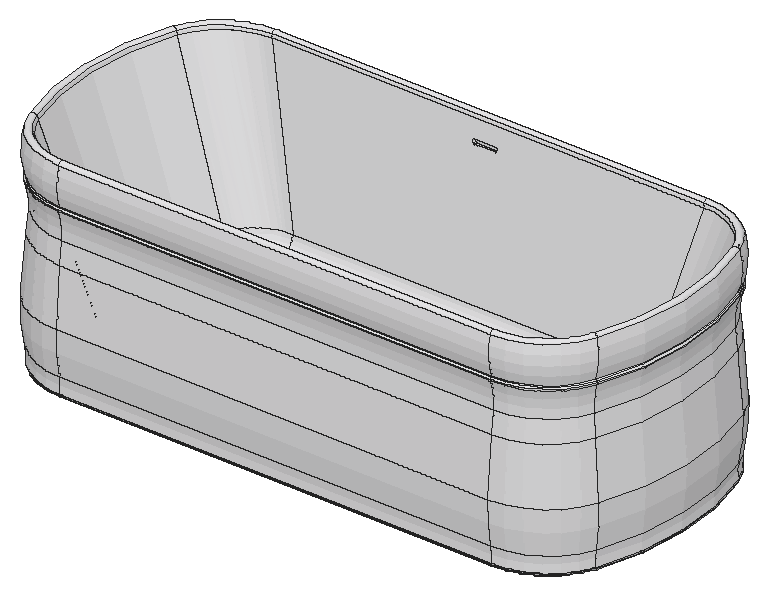
Revit family "Bath-Freestanding-KOHLER-Chess-K-8337", category Plumbing Fixtures, host Face, Revit 2015
Parameters (values of type "0-White")
  Width = 30"  # constant formula
  Waste Water Outlet = "Waste Water Outlet"  # constant formula
  Waste Connection = 1 = 1  # yes
  Vent Connection = 1 = 0  # no
  URL = "https://www.us.kohler.com/us/"
  Product Page URL = "http://www.us.kohler.com/us/catalog/productDetails.jsp?productNumber=8337"
  Product Name = "Chess"  # constant formula
  Product Documentation Link = "http://www.us.kohler.com/onlinecatalog/pdf/K-8337_spec.pdf"
  Model = "K-8337-0"  # constant formula
  Material = "Lithocast Gloss Cast Resin"  # constant formula
  MasterFormat 2004 = "22.41.19"  # constant formula
  MasterFormat 1995 = "15410"  # constant formula
  Manufacturer Address = "444 Highland Dr, Kohler, WI 53044"  # constant formula
  Manufacturer = "KOHLER Co."  # constant formula
  Length = 65"  # constant formula
  Hot Water Inlet = "Hot Water Inlet"  # constant formula
  Height = 22 5/8"  # constant formula
  HW Connection = 1 = 0  # no
  Finish = Kohler-Lithocast-0-White
  Environmental Product Declaration = ""
  Drain Included = 1 = 1  # yes
  Description = "65inch x 30inch freestanding bath with center toe-tap drain"  # constant formula
  Default Elevation = 0"
  Declare Label = ""
  Date Modified = "01/09/2019"  # constant formula
  Date Created = "01/09/2019"  # constant formula
  Copyright = "Copyright KOHLER Co."  # constant formula
  Contact Us = "https://www.us.kohler.com/us/static/contact.jsp"
  Cold Water Inlet = "Cold Water Inlet"  # constant formula
  CW Connection = 1 = 0  # no
  Assembly Code = "D2010500"
  ADA Compliant = 1 = 0  # no
Reference planes (in)
  plane 1 "Center (Front/Back)": y = 0
  plane 2: z = 0
  plane 3 "Center (Left/Right)": x = 0
  plane 4: y = 15
  plane 5: y = -15
  plane 6: x = -32.5
  plane 7: x = 32.5
  plane 8: z = 22.625
Dimensions and locks (in)
  "Width": plane 5 to plane 4
  plane 5 to plane 1 "Center (Front/Back)" = 15"
  "Length": plane 6 to plane 7
  plane 6 to plane 3 "Center (Left/Right)" = 32 1/2"
  "Height": plane 8 to level
  aligned and locked: plane 2 to host face
  aligned and locked: level to host face
Automatic sketch dimensions
  host sketch curve to host sketch curve = 96"  (x2)
Nested families (in)
  nested 1: "K-8337" at (0, 0, 0), type "K-8337"
Connectors (in)
  piping at (0, 0, 1.2018), diameter 1.5, driven by "Waste Connection", driven by "Waste Water Outlet"
    settings: on nested 1, index 1, connector inside diameter 24", connector length 0", flow factor 0, pipe flow 0 GPM, pressure drop 0.00 psi, fitting loss kfactor 0, connector angle 0.00°, fixture units 0, engagement length 0", angle of deflection 0.00°, flow configuration 0, flow direction 2, fitting loss method 0, system type 16, joint type 0, gender type 0, connector reference index -1, connector utility 1, adjustable connector no, is connector primary yes, connector description "Waste Water Outlet"
Definition of nested family "K-8337"
  Parameters (values of type "K-8337")
    Material = none
  Reference planes (in)
    plane 1 "Center (Front/Back)": y = 0
    plane 2: z = 0
    plane 3 "Center (Left/Right)": x = 0
    plane 4: y = 15
    plane 5: x = -32.5
    plane 6: z = 22.625
    plane 7: z = 0.8125
    plane 8: z = 3.0625
    plane 9: z = 20
    plane 10: x = 32.5
    plane 11: y = -15
  Forms (in)
    Sweep 1, solid, material <- "Material", detail levels medium+fine
      path origin (0, 0, 0) x (1, 0, 0) y (0, 1, 0)
        loop
          line (23.13465, 15) -> (-23.13465, 15)
          arc (-23.13465, 15) -> (-27.78843, 13.53842) -> (-30.77095, 9.67856) r 8.1398
          arc (-30.77095, 9.67856) -> (-32.5, 0.00041) -> (-30.77123, -9.6778) r 27.95299
          arc (-30.77123, -9.6778) -> (-27.78843, -13.5382) -> (-23.13407, -15) r 8.14063
          line (-23.13407, -15) -> (23.13407, -15)
          arc (23.13407, -15) -> (27.78843, -13.5382) -> (30.77123, -9.6778) r 8.14063
          arc (30.77123, -9.6778) -> (32.5, 0.00041) -> (30.77095, 9.67856) r 27.95299
          arc (30.77095, 9.67856) -> (27.78843, 13.53842) -> (23.13465, 15) r 8.1398
      profile origin (0, -15, 0) x (0, -1, 0) y (0, 0, 1)
        loop
          arc (-0.63615, 0) -> (-0.58049, 0.01659) -> (-0.543, 0.06096) r 0.10166
          line (-0.543, 0.06096) -> (-0.47798, 0.20977)
          arc (-0.47798, 0.20977) -> (-0.46993, 0.23766) -> (-0.46938, 0.26669) r 0.1112
          arc (-0.46938, 0.26669) -> (-0.49983, 1.14071) -> (-0.39593, 2.00907) r 5.68782
          arc (-0.39593, 2.00907) -> (-0.0687, 4.32288) -> (0, 6.6587) r 21.04676
          arc (0, 6.6587) -> (-0.16318, 9.6666) -> (-0.4948, 12.6606) r 53.68805
          arc (-0.4948, 12.6606) -> (-0.6336, 13.80608) -> (-0.73158, 14.95577) r 32.44262
          arc (-0.73158, 14.95577) -> (-0.67451, 16.45231) -> (-0.30572, 17.90382) r 7.12117
          arc (-0.30572, 17.90382) -> (-0.29823, 17.96086) -> (-0.31615, 18.01554) r 0.12971
          arc (-0.31615, 18.01554) -> (-0.38331, 18.11884) -> (-0.45776, 18.21702) r 1.70572
          arc (-0.45776, 18.21702) -> (-0.47957, 18.26558) -> (-0.4741, 18.31852) r 0.10251
          arc (-0.4741, 18.31852) -> (-0.06681, 20.32042) -> (-0.33012, 22.34628) r 6.21959
          arc (-0.33012, 22.34628) -> (-0.67527, 22.62377) -> (-1.05923, 22.40306) r 0.3925
          arc (-1.05923, 22.40306) -> (-1.12702, 22.23073) -> (-1.16833, 22.0502) r 1.23753
          line (-1.16833, 22.0502) -> (-0.7425, 22.0502) -> (-2.12082, 0) -> (-0.63615, 0)
    Sweep 2, solid, material <- "Material", detail levels medium+fine
      path origin (0, 0, 0) x (1, 0, 0) y (0, 1, 0)
        loop
          line (-18.87718, -11.25) -> (18.87718, -11.25)
          arc (18.87718, -11.25) -> (21.75384, -10.3396) -> (23.58294, -7.93994) r 5
          arc (23.58294, -7.93994) -> (24.96542, 0) -> (23.58294, 7.93994) r 23.49178
          arc (23.58294, 7.93994) -> (21.75384, 10.3396) -> (18.87718, 11.25) r 5
          line (18.87718, 11.25) -> (-18.87718, 11.25)
          arc (-18.87718, 11.25) -> (-21.75384, 10.3396) -> (-23.58294, 7.93994) r 5
          arc (-23.58294, 7.93994) -> (-24.96542, 0) -> (-23.58294, -7.93994) r 23.49178
          arc (-23.58294, -7.93994) -> (-21.75384, -10.3396) -> (-18.87718, -11.25) r 5
      profile origin (0, -11.25, 0) x (0, 1, 0) y (0, 0, 1)
        loop
          arc (2.16276, 3.8125) -> (0.65693, 4.37102) -> (-0.12048, 5.7764) r 2.30921
          line (-0.12048, 5.7764) -> (-0.54631, 5.7764) -> (-0.44342, 5.09603)
          arc (-0.44342, 5.09603) -> (0.36156, 3.64082) -> (1.92078, 3.0625) r 2.39108
          line (1.92078, 3.0625) -> (2.73001, 3.0625) -> (2.73001, 3.8125) -> (2.16276, 3.8125)
    Extrusion 3, solid, material <- "Material", detail levels medium+fine
      sketch origin (0, 0, 0) x (1, 0, 0) y (0, 1, 0)
        loop
          arc (-21.01359, 7.01723) -> (-22.23541, 0) -> (-21.01359, -7.01723) r 20.76177
          arc (-21.01359, -7.01723) -> (-20.18318, -8.10667) -> (-18.87718, -8.51999) r 2.26999
          line (-18.87718, -8.51999) -> (18.87718, -8.51999)
          arc (18.87718, -8.51999) -> (20.18318, -8.10667) -> (21.01359, -7.01723) r 2.26999
          arc (21.01359, -7.01723) -> (22.23541, 0) -> (21.01359, 7.01723) r 20.76177
          arc (21.01359, 7.01723) -> (20.18318, 8.10667) -> (18.87718, 8.51999) r 2.26999
          line (18.87718, 8.51999) -> (-18.87718, 8.51999)
          arc (-18.87718, 8.51999) -> (-20.18318, 8.10667) -> (-21.01359, 7.01723) r 2.26999
      from 3.0625 to 3.8125
    Revolve 4, solid, material <- "Material", detail levels medium+fine
      sketch origin (0, 0, 0) x (0, 1, 0) y (0, 0, 1)
        loop
          line (0, 3.0625) -> (0, 1.2018) -> (1.5, 1.2018) -> (1.5, 0.8125) -> (2.44715, 0.8125)
          arc (2.44715, 0.8125) -> (2.8007, 0.95895) -> (2.94715, 1.3125) r 0.5
          line (2.94715, 1.3125) -> (2.94715, 2.5625)
          arc (2.94715, 2.5625) -> (3.0936, 2.91605) -> (3.44715, 3.0625) r 0.5
          line (3.44715, 3.0625) -> (0, 3.0625)
        axis (0, 3.0625) -> (0, 0.8125)
      angle from 0 to 360
    Extrusion 5, solid, material <- "Material", detail levels medium+fine
      sketch origin (0, 0, 0) x (1, 0, 0) y (0, 1, 0)
        loop
          arc (14.07678, -8.82665) -> (14.25355, -8.75343) -> (14.32678, -8.57665) r 0.25
          line (14.32678, -8.57665) -> (14.32678, -4.42335)
          arc (14.32678, -4.42335) -> (14.25355, -4.24657) -> (14.07678, -4.17335) r 0.25
          line (14.07678, -4.17335) -> (9.92322, -4.17335)
          arc (9.92322, -4.17335) -> (9.74645, -4.24657) -> (9.67322, -4.42335) r 0.25
          line (9.67322, -4.42335) -> (9.67322, -8.57665)
          arc (9.67322, -8.57665) -> (9.74645, -8.75343) -> (9.92322, -8.82665) r 0.25
          line (9.92322, -8.82665) -> (14.07678, -8.82665)
        loop
          arc (14.07678, 4.17335) -> (14.25355, 4.24657) -> (14.32678, 4.42335) r 0.25
          line (14.32678, 4.42335) -> (14.32678, 8.57665)
          arc (14.32678, 8.57665) -> (14.25355, 8.75343) -> (14.07678, 8.82665) r 0.25
          line (14.07678, 8.82665) -> (9.92322, 8.82665)
          arc (9.92322, 8.82665) -> (9.74645, 8.75343) -> (9.67322, 8.57665) r 0.25
          line (9.67322, 8.57665) -> (9.67322, 4.42335)
          arc (9.67322, 4.42335) -> (9.74645, 4.24657) -> (9.92322, 4.17335) r 0.25
          line (9.92322, 4.17335) -> (14.07678, 4.17335)
        loop
          arc (-9.92322, -8.82665) -> (-9.74645, -8.75343) -> (-9.67322, -8.57665) r 0.25
          line (-9.67322, -8.57665) -> (-9.67322, -4.42335)
          arc (-9.67322, -4.42335) -> (-9.74645, -4.24657) -> (-9.92322, -4.17335) r 0.25
          line (-9.92322, -4.17335) -> (-14.07678, -4.17335)
          arc (-14.07678, -4.17335) -> (-14.25355, -4.24657) -> (-14.32678, -4.42335) r 0.25
          line (-14.32678, -4.42335) -> (-14.32678, -8.57665)
          arc (-14.32678, -8.57665) -> (-14.25355, -8.75343) -> (-14.07678, -8.82665) r 0.25
          line (-14.07678, -8.82665) -> (-9.92322, -8.82665)
        loop
          arc (-9.92322, 4.17335) -> (-9.74645, 4.24657) -> (-9.67322, 4.42335) r 0.25
          line (-9.67322, 4.42335) -> (-9.67322, 8.57665)
          arc (-9.67322, 8.57665) -> (-9.74645, 8.75343) -> (-9.92322, 8.82665) r 0.25
          line (-9.92322, 8.82665) -> (-14.07678, 8.82665)
          arc (-14.07678, 8.82665) -> (-14.25355, 8.75343) -> (-14.32678, 8.57665) r 0.25
          line (-14.32678, 8.57665) -> (-14.32678, 4.42335)
          arc (-14.32678, 4.42335) -> (-14.25355, 4.24657) -> (-14.07678, 4.17335) r 0.25
          line (-14.07678, 4.17335) -> (-9.92322, 4.17335)
      from 0 to 3.0625
    Revolve 6, void
      sketch origin (0, 0, 0) x (0, 1, 0) y (0, 0, 1)
        loop
          line (2.81, 3.8125) -> (0, 3.8125) -> (0, 3.16482) -> (2.56, 3.16482) -> (2.56, 3.5625)
          arc (2.56, 3.5625) -> (2.63322, 3.73928) -> (2.81, 3.8125) r 0.25
        axis (0, 3.8125) -> (0, 3.16482)
      angle from 0 to 360
    Revolve 7, solid, material <- "Material", detail levels medium+fine
      sketch origin (0, 0, 0) x (0, 1, 0) y (0, 0, 1)
        loop
          arc (2.30435, 3.49896) -> (2.4611, 3.64639) -> (2.32355, 3.81189) r 0.15705
          arc (2.32355, 3.81189) -> (1.16396, 3.9188) -> (0, 3.95448) r 19.00256
          line (0, 3.95448) -> (0, 3.49896) -> (2.30435, 3.49896)
        axis (0, 3.95448) -> (0, 3.49896)
      angle from 0 to 360
    Extrusion 8, void
      sketch origin (0, 0, 0) x (1, 0, 0) y (0, 0, 1)
        loop
          line (1.07001, 20.25) -> (-1.07001, 20.25)
          arc (-1.07001, 20.25) -> (-1.32001, 20) -> (-1.07001, 19.75) r 0.25
          line (-1.07001, 19.75) -> (1.07001, 19.75)
          arc (1.07001, 19.75) -> (1.32001, 20) -> (1.07001, 20.25) r 0.25
      from -13.79286 to -13.31559
    Extrusion 9, solid, material <- "Material", detail levels medium+fine
      sketch origin (0, 0, 0) x (1, 0, 0) y (0, 0, 1)
        loop
          line (-2.3925, 1.8201) -> (2.3925, 1.8201)
          arc (2.3925, 1.8201) -> (2.74605, 1.96654) -> (2.8925, 2.3201) r 0.5
          line (2.8925, 2.3201) -> (2.8925, 3.0625) -> (-2.8925, 3.0625) -> (-2.8925, 2.3201)
          arc (-2.8925, 2.3201) -> (-2.74605, 1.96654) -> (-2.3925, 1.8201) r 0.5
      from -13.39553 to -0.29719
    Extrusion 10, solid, material <- "Material", detail levels coarse
      sketch origin (0, 0, 0) x (1, 0, 0) y (0, 1, 0)
        loop
          line (23.05822, 15) -> (-23.05822, 15)
          arc (-23.05822, 15) -> (-27.78869, 13.50908) -> (-30.8094, 9.57518) r 8.25
          arc (-30.8094, 9.57518) -> (-32.5, 0) -> (-30.8094, -9.57518) r 27.96114
          arc (-30.8094, -9.57518) -> (-27.78869, -13.50908) -> (-23.05822, -15) r 8.25
          line (-23.05822, -15) -> (23.05822, -15)
          arc (23.05822, -15) -> (27.78869, -13.50908) -> (30.8094, -9.57518) r 8.25
          arc (30.8094, -9.57518) -> (32.5, 0) -> (30.8094, 9.57518) r 27.96114
          arc (30.8094, 9.57518) -> (27.78869, 13.50908) -> (23.05822, 15) r 8.25
      from 0 to 22.625
    Blend 11, void
      base sketch origin (0, 0, 0) x (1, 0, 0) y (0, 1, 0)
        loop
          arc (-23.69633, 7.98066) -> (-25.0859, 0) -> (-23.69633, -7.98066) r 23.61226
          arc (-23.69633, -7.98066) -> (-21.82316, -10.43815) -> (-18.87718, -11.37048) r 5.12048
          line (-18.87718, -11.37048) -> (18.87718, -11.37048)
          arc (18.87718, -11.37048) -> (21.82316, -10.43815) -> (23.69633, -7.98066) r 5.12048
          arc (23.69633, -7.98066) -> (25.0859, 0) -> (23.69633, 7.98066) r 23.61226
          arc (23.69633, 7.98066) -> (21.82316, 10.43815) -> (18.87718, 11.37048) r 5.12048
          line (18.87718, 11.37048) -> (-18.87718, 11.37048)
          arc (-18.87718, 11.37048) -> (-21.82316, 10.43815) -> (-23.69633, 7.98066) r 5.12048
      top sketch origin (0, 0, 0) x (1, 0, 0) y (0, 1, 0)
        loop
          arc (-29.67489, 9.27403) -> (-31.33167, 0.00039) -> (-29.67516, -9.2733) r 26.78465
          arc (-29.67516, -9.2733) -> (-27.12044, -12.57966) -> (-23.13407, -13.83167) r 6.97229
          line (-23.13407, -13.83167) -> (23.13407, -13.83167)
          arc (23.13407, -13.83167) -> (27.12044, -12.57966) -> (29.67516, -9.2733) r 6.97229
          arc (29.67516, -9.2733) -> (31.33167, 0.00039) -> (29.67489, 9.27403) r 26.78465
          arc (29.67489, 9.27403) -> (27.12046, 12.57987) -> (23.13465, 13.83167) r 6.97146
          line (23.13465, 13.83167) -> (-23.13465, 13.83167)
          arc (-23.13465, 13.83167) -> (-27.12046, 12.57987) -> (-29.67489, 9.27403) r 6.97146
      from 3.0625 to 22.625
    Blend 12, solid, material <- "Material", detail levels medium+fine
      base sketch origin (0, 0, 0) x (1, 0, 0) y (0, 1, 0)
        loop
          arc (-24.0971, -8.12459) -> (-22.06815, -10.78644) -> (-18.87718, -11.79631) r 5.54631
          line (-18.87718, -11.79631) -> (18.87718, -11.79631)
          arc (18.87718, -11.79631) -> (22.06815, -10.78644) -> (24.0971, -8.12459) r 5.54631
          arc (24.0971, -8.12459) -> (25.51173, 0) -> (24.0971, 8.12459) r 24.03809
          arc (24.0971, 8.12459) -> (22.06815, 10.78644) -> (18.87718, 11.79631) r 5.54631
          line (18.87718, 11.79631) -> (-18.87718, 11.79631)
          arc (-18.87718, 11.79631) -> (-22.06815, 10.78644) -> (-24.0971, 8.12459) r 5.54631
          arc (-24.0971, 8.12459) -> (-25.51173, 0) -> (-24.0971, -8.12459) r 24.03809
      top sketch origin (0, 0, 0) x (1, 0, 0) y (0, 1, 0)
        loop
          arc (23.13407, -14.2575) -> (27.3639, -12.92903) -> (30.07465, -9.42073) r 7.39812
          arc (30.07465, -9.42073) -> (31.7575, 0.0004) -> (30.07438, 9.42147) r 27.21048
          arc (30.07438, 9.42147) -> (27.36392, 12.92924) -> (23.13465, 14.2575) r 7.39729
          line (23.13465, 14.2575) -> (-23.13465, 14.2575)
          arc (-23.13465, 14.2575) -> (-27.36392, 12.92924) -> (-30.07438, 9.42147) r 7.39729
          arc (-30.07438, 9.42147) -> (-31.7575, 0.0004) -> (-30.07465, -9.42073) r 27.21048
          arc (-30.07465, -9.42073) -> (-27.3639, -12.92903) -> (-23.13407, -14.2575) r 7.39812
          line (-23.13407, -14.2575) -> (23.13407, -14.2575)
      from 5.7764 to 22.0502
    Blend 13, void
      base sketch origin (0, 0, 0) x (1, 0, 0) y (0, 1, 0)
        loop
          line (-18.87718, -11.37048) -> (18.87718, -11.37048)
          arc (18.87718, -11.37048) -> (21.82316, -10.43815) -> (23.69633, -7.98066) r 5.12048
          arc (23.69633, -7.98066) -> (25.0859, 0) -> (23.69633, 7.98066) r 23.61226
          arc (23.69633, 7.98066) -> (21.82316, 10.43815) -> (18.87718, 11.37048) r 5.12048
          line (18.87718, 11.37048) -> (-18.87718, 11.37048)
          arc (-18.87718, 11.37048) -> (-21.82316, 10.43815) -> (-23.69633, 7.98066) r 5.12048
          arc (-23.69633, 7.98066) -> (-25.0859, 0) -> (-23.69633, -7.98066) r 23.61226
          arc (-23.69633, -7.98066) -> (-21.82316, -10.43815) -> (-18.87718, -11.37048) r 5.12048
      top sketch origin (0, 0, 0) x (1, 0, 0) y (0, 1, 0)
        loop
          arc (-29.67516, -9.2733) -> (-27.12044, -12.57966) -> (-23.13407, -13.83167) r 6.97229
          line (-23.13407, -13.83167) -> (23.13407, -13.83167)
          arc (23.13407, -13.83167) -> (27.12044, -12.57966) -> (29.67516, -9.2733) r 6.97229
          arc (29.67516, -9.2733) -> (31.33167, 0.00039) -> (29.67489, 9.27403) r 26.78465
          arc (29.67489, 9.27403) -> (27.12046, 12.57987) -> (23.13465, 13.83167) r 6.97146
          line (23.13465, 13.83167) -> (-23.13465, 13.83167)
          arc (-23.13465, 13.83167) -> (-27.12046, 12.57987) -> (-29.67489, 9.27403) r 6.97146
          arc (-29.67489, 9.27403) -> (-31.33167, 0.00039) -> (-29.67516, -9.2733) r 26.78465
      from 5.7764 to 22.0502
  Cuts and joins
    Blend 11 cuts Extrusion 10
    Extrusion 8 cuts Sweep 1
    Extrusion 8 cuts Sweep 2
    Revolve 6, Extrusion 8 cuts Extrusion 3
    Revolve 6, Extrusion 8 cuts Revolve 4
    Revolve 6, Extrusion 8 cuts Extrusion 5
    Extrusion 8 cuts Revolve 7
    Revolve 6, Extrusion 8 cuts Extrusion 9
    Extrusion 8, Blend 13 cuts Blend 12
    joined: Sweep 1, Sweep 2, Extrusion 3, Revolve 4, Extrusion 5, Revolve 7, Extrusion 9, Blend 12
  Lines and regions (in)
    Masking region 1
      outline origin (0, 0, 0) x (0, 1, 0) y (0, 0, 1)
        loop
          line (-14.36385, 0) -> (14.36385, 0)
          arc (14.36385, 0) -> (14.41951, 0.01659) -> (14.457, 0.06096) r 0.10166
          line (14.457, 0.06096) -> (14.52202, 0.20977)
          arc (14.52202, 0.20977) -> (14.53007, 0.23766) -> (14.53062, 0.26669) r 0.1112
          arc (14.53062, 0.26669) -> (14.50017, 1.14071) -> (14.60407, 2.00907) r 5.68782
          arc (14.60407, 2.00907) -> (14.9313, 4.32288) -> (15, 6.6587) r 21.04676
          arc (15, 6.6587) -> (14.83682, 9.6666) -> (14.5052, 12.6606) r 53.68805
          arc (14.5052, 12.6606) -> (14.3664, 13.80608) -> (14.26842, 14.95577) r 32.44262
          arc (14.26842, 14.95577) -> (14.32549, 16.45231) -> (14.69428, 17.90382) r 7.12117
          arc (14.69428, 17.90382) -> (14.70177, 17.96086) -> (14.68385, 18.01554) r 0.12971
          arc (14.68385, 18.01554) -> (14.61669, 18.11884) -> (14.54224, 18.21702) r 1.70572
          arc (14.54224, 18.21702) -> (14.52043, 18.26558) -> (14.5259, 18.31852) r 0.10251
          arc (14.5259, 18.31852) -> (14.93319, 20.32042) -> (14.66988, 22.34628) r 6.21959
          arc (14.66988, 22.34628) -> (14.52811, 22.54768) -> (14.29425, 22.62495) r 0.3925
          line (14.29425, 22.62495) -> (-14.29425, 22.625)
          arc (-14.29425, 22.625) -> (-14.52811, 22.54768) -> (-14.66988, 22.34628) r 0.3925
          arc (-14.66988, 22.34628) -> (-14.93319, 20.32042) -> (-14.5259, 18.31852) r 6.21959
          arc (-14.5259, 18.31852) -> (-14.52043, 18.26558) -> (-14.54224, 18.21702) r 0.10251
          arc (-14.54224, 18.21702) -> (-14.61669, 18.11884) -> (-14.68385, 18.01554) r 1.70572
          arc (-14.68385, 18.01554) -> (-14.70177, 17.96086) -> (-14.69428, 17.90382) r 0.12971
          arc (-14.69428, 17.90382) -> (-14.32549, 16.45231) -> (-14.26842, 14.95577) r 7.12117
          arc (-14.26842, 14.95577) -> (-14.3664, 13.80608) -> (-14.5052, 12.6606) r 32.44262
          arc (-14.5052, 12.6606) -> (-14.83682, 9.6666) -> (-15, 6.6587) r 53.68805
          arc (-15, 6.6587) -> (-14.9313, 4.32288) -> (-14.60407, 2.00907) r 21.04676
          arc (-14.60407, 2.00907) -> (-14.50017, 1.14071) -> (-14.53062, 0.26669) r 5.68782
          arc (-14.53062, 0.26669) -> (-14.53007, 0.23766) -> (-14.52202, 0.20977) r 0.1112
          line (-14.52202, 0.20977) -> (-14.457, 0.06096)
          arc (-14.457, 0.06096) -> (-14.41951, 0.01659) -> (-14.36385, 0) r 0.10166
    Masking region 2
      outline origin (0, 0, 0) x (1, 0, 0) y (0, 0, 1)
        loop
          line (-31.85666, 0) -> (31.85666, 0)
          arc (31.85666, 0) -> (31.91232, 0.01659) -> (31.94981, 0.06096) r 0.10166
          line (31.94981, 0.06096) -> (32.01483, 0.20977)
          arc (32.01483, 0.20977) -> (32.02288, 0.23766) -> (32.02343, 0.26669) r 0.1112
          arc (32.02343, 0.26669) -> (31.99298, 1.14071) -> (32.09688, 2.00907) r 5.68782
          arc (32.09688, 2.00907) -> (32.42411, 4.32288) -> (32.49281, 6.6587) r 21.04676
          arc (32.49281, 6.6587) -> (32.32963, 9.6666) -> (31.99801, 12.6606) r 53.68805
          arc (31.99801, 12.6606) -> (31.85921, 13.80608) -> (31.76123, 14.95577) r 32.44262
          arc (31.76123, 14.95577) -> (31.8183, 16.45231) -> (32.18709, 17.90382) r 7.12117
          arc (32.18709, 17.90382) -> (32.19458, 17.96086) -> (32.17666, 18.01554) r 0.12971
          arc (32.17666, 18.01554) -> (32.1095, 18.11884) -> (32.03505, 18.21702) r 1.70572
          arc (32.03505, 18.21702) -> (32.01324, 18.26558) -> (32.01871, 18.31852) r 0.10251
          arc (32.01871, 18.31852) -> (32.426, 20.32042) -> (32.16269, 22.34628) r 6.21959
          arc (32.16269, 22.34628) -> (32.02092, 22.54768) -> (31.78706, 22.62495) r 0.3925
          line (31.78706, 22.62495) -> (-31.78706, 22.625)
          arc (-31.78706, 22.625) -> (-32.02092, 22.54768) -> (-32.16269, 22.34628) r 0.3925
          arc (-32.16269, 22.34628) -> (-32.426, 20.32042) -> (-32.01871, 18.31852) r 6.21959
          arc (-32.01871, 18.31852) -> (-32.01324, 18.26558) -> (-32.03505, 18.21702) r 0.10251
          arc (-32.03505, 18.21702) -> (-32.1095, 18.11884) -> (-32.17666, 18.01554) r 1.70572
          arc (-32.17666, 18.01554) -> (-32.19458, 17.96086) -> (-32.18709, 17.90382) r 0.12971
          arc (-32.18709, 17.90382) -> (-31.8183, 16.45231) -> (-31.76123, 14.95577) r 7.12117
          arc (-31.76123, 14.95577) -> (-31.85921, 13.80608) -> (-31.99801, 12.6606) r 32.44262
          arc (-31.99801, 12.6606) -> (-32.32963, 9.6666) -> (-32.49281, 6.6587) r 53.68805
          arc (-32.49281, 6.6587) -> (-32.42411, 4.32288) -> (-32.09688, 2.00907) r 21.04676
          arc (-32.09688, 2.00907) -> (-31.99298, 1.14071) -> (-32.02343, 0.26669) r 5.68782
          arc (-32.02343, 0.26669) -> (-32.02288, 0.23766) -> (-32.01483, 0.20977) r 0.1112
          line (-32.01483, 0.20977) -> (-31.94981, 0.06096)
          arc (-31.94981, 0.06096) -> (-31.91232, 0.01659) -> (-31.85666, 0) r 0.10166
    Masking region 3
      outline origin (0, 0, 0) x (1, 0, 0) y (0, 1, 0)
        loop
          arc (-23.05822, 15) -> (-27.78869, 13.50908) -> (-30.8094, 9.57518) r 8.25
          arc (-30.8094, 9.57518) -> (-32.5, 0) -> (-30.8094, -9.57518) r 27.96114
          arc (-30.8094, -9.57518) -> (-27.78869, -13.50908) -> (-23.05822, -15) r 8.25
          line (-23.05822, -15) -> (23.05822, -15)
          arc (23.05822, -15) -> (27.78869, -13.50908) -> (30.8094, -9.57518) r 8.25
          arc (30.8094, -9.57518) -> (32.5, 0) -> (30.8094, 9.57518) r 27.96114
          arc (30.8094, 9.57518) -> (27.78869, 13.50908) -> (23.05822, 15) r 8.25
          line (23.05822, 15) -> (-23.05822, 15)
    symbolic lines, detail levels medium+fine
      curve 1: line (0, -14.54224, 18.21702) -> (0, 14.54224, 18.21702)
      curve 2: line (0, 14.68385, 18.01554) -> (0, -14.68385, 18.01554)
      curve 3: line (0, -14.52202, 0.20977) -> (0, 14.52202, 0.20977)
      curve 4: line (-32.03505, 0, 18.21702) -> (32.03505, 0, 18.21702)
      curve 5: line (32.17666, 0, 18.01554) -> (-32.17666, 0, 18.01554)
      curve 6: line (-32.01483, 0, 0.20977) -> (32.01483, 0, 0.20977)
      curve 7: arc (-29.67489, 9.27403, 0) -> (-27.12046, 12.57987, 0) -> (-23.13465, 13.83167, 0) r 6.97146
      curve 8: arc (-29.67516, -9.2733, 0) -> (-31.33167, 0.00039, 0) -> (-29.67489, 9.27403, 0) r 26.78465
      curve 9: arc (-23.13407, -13.83167, 0) -> (-27.12044, -12.57966, 0) -> (-29.67516, -9.2733, 0) r 6.97229
      curve 10: line (23.13407, -13.83167, 0) -> (-23.13407, -13.83167, 0)
      curve 11: line (-23.13465, 13.83167, 0) -> (23.13465, 13.83167, 0)
      curve 12: arc (23.13465, 13.83167, 0) -> (27.12046, 12.57987, 0) -> (29.67489, 9.27403, 0) r 6.97146
      curve 13: arc (29.67489, 9.27403, 0) -> (31.33167, 0.00039, 0) -> (29.67516, -9.2733, 0) r 26.78465
      curve 14: arc (29.67516, -9.2733, 0) -> (27.12044, -12.57966, 0) -> (23.13407, -13.83167, 0) r 6.97229
      curve 15: arc (23.69633, -7.98066, 0) -> (21.82316, -10.43815, 0) -> (18.87718, -11.37048, 0) r 5.12048
      curve 16: arc (23.69633, 7.98066, 0) -> (25.0859, 0, 0) -> (23.69633, -7.98066, 0) r 23.61226
      curve 17: arc (18.87718, 11.37048, 0) -> (21.82316, 10.43815, 0) -> (23.69633, 7.98066, 0) r 5.12048
      curve 18: line (18.87718, 11.37048, 0) -> (-18.87718, 11.37048, 0)
      curve 19: arc (-23.69633, 7.98066, 0) -> (-21.82316, 10.43815, 0) -> (-18.87718, 11.37048, 0) r 5.12048
      curve 20: arc (-23.69633, -7.98066, 0) -> (-25.0859, 0, 0) -> (-23.69633, 7.98066, 0) r 23.61226
      curve 21: arc (-18.87718, -11.37048, 0) -> (-21.82316, -10.43815, 0) -> (-23.69633, -7.98066, 0) r 5.12048
      curve 22: line (-18.87718, -11.37048, 0) -> (18.87718, -11.37048, 0)
      curve 23: circle (0, 0, 0) r 2.56 normal (0, 0, 1)
      curve 24: circle (0, 0, 0) r 2.45909 normal (0, 0, 1)
      curve 25: line (-1.08141, 13.55941, 0) -> (1.08141, 13.55941, 0)
      curve 26: line (1.08141, 13.48379, 0) -> (-1.08141, 13.48379, 0)
      curve 27: spline (-1.08141, 13.48379, 0) -> (-1.14409, 13.48553, 0) -> (-1.20189, 13.48954, 0) -> (-1.25115, 13.49559, 0) -> (-1.28875, 13.50329, 0) -> (-1.31231, 13.51215, 0) -> (-1.32033, 13.5216, 0) -> (-1.31231, 13.53106, 0) -> (-1.28875, 13.53991, 0) -> (-1.25115, 13.54761, 0) -> (-1.20189, 13.55366, 0) -> (-1.14409, 13.55768, 0) -> (-1.08141, 13.55941, 0)
      curve 28: spline (1.08141, 13.55941, 0) -> (1.14409, 13.55768, 0) -> (1.20189, 13.55366, 0) -> (1.25115, 13.54761, 0) -> (1.28875, 13.53991, 0) -> (1.31231, 13.53106, 0) -> (1.32033, 13.5216, 0) -> (1.31231, 13.51215, 0) -> (1.28875, 13.50329, 0) -> (1.25115, 13.49559, 0) -> (1.20189, 13.48954, 0) -> (1.14409, 13.48553, 0) -> (1.08141, 13.48379, 0)
  Dimensions and locks (in)
    plane 7 to plane 2 = 13/16"
    plane 8 to plane 7 = 2 1/4"
    plane 6 to level = 22 5/8"
    plane 5 to plane 10 = 65"
    plane 11 to plane 4 = 30"
    aligned and locked: plane 2 to level
